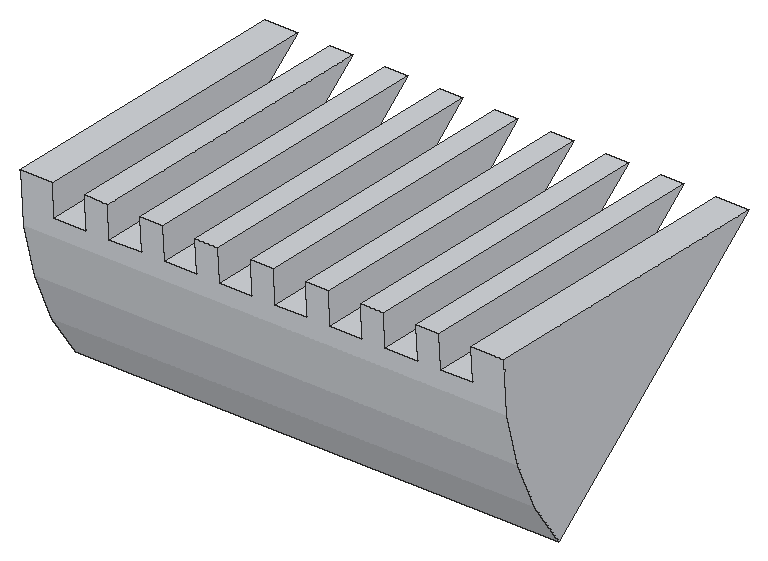
Revit family "step", category Generic Models, Revit 2024
Family settings
  Can host rebar = No
  Round Connector Dimension = Use Diameter
  Part Type = Normal
  Work Plane-Based = No
  Always vertical = Yes
  Cut with Voids When Loaded = No
  Maintain Annotation Orientation = No
  Shared = No
  Room Calculation Point = No
Parameters
  Web Width = 40 mm
  Step Width = 600 mm
  Step Height = 240 mm
  Step Depth = 380 mm
  Groove Width = 40 mm
  Groove Depth = 40 mm
  Default Elevation = 0 mm
Reference planes
  plane 1 "Center (Front/Back)": y = 0
  plane 2: z = 0
  plane 3 "Center (Left/Right)": x = 0
  plane 4: z = -560
  plane 5: y = -380
  plane 6: x = 600
Forms (mm)
  Extrusion 1, solid
    sketch origin (0, 0, 0) x (0, 1, 0) y (0, 0, 1)
      loop
        arc (-380, 0) -> (-358.019, -127.368) -> (-294.618, -240) r 380
        line (-294.618, -240) -> (0, 0) -> (-380, 0)
    from 0 to 600
  Extrusion 2, void
    sketch origin (0, 0, 0) x (1, 0, 0) y (0, 0, 1)
      loop
        line (560, 0) -> (520, 0) -> (520, -40) -> (560, -40) -> (560, 0)
    from 0 to 380
  Extrusion 3, void
    sketch origin (-480, 0, 0) x (1, 0, 0) y (0, 0, 1)
      loop
        line (560, 0) -> (520, 0) -> (520, -40) -> (560, -40) -> (560, 0)
    from 0 to 380
  Extrusion 4, void
    sketch origin (-68.571, 0, 0) x (1, 0, 0) y (0, 0, 1)
      loop
        line (560, 0) -> (520, 0) -> (520, -40) -> (560, -40) -> (560, 0)
    from 0 to 380
  Extrusion 5, void
    sketch origin (-137.143, 0, 0) x (1, 0, 0) y (0, 0, 1)
      loop
        line (560, 0) -> (520, 0) -> (520, -40) -> (560, -40) -> (560, 0)
    from 0 to 380
  Extrusion 6, void
    sketch origin (-205.714, 0, 0) x (1, 0, 0) y (0, 0, 1)
      loop
        line (560, 0) -> (520, 0) -> (520, -40) -> (560, -40) -> (560, 0)
    from 0 to 380
  Extrusion 7, void
    sketch origin (-274.286, 0, 0) x (1, 0, 0) y (0, 0, 1)
      loop
        line (560, 0) -> (520, 0) -> (520, -40) -> (560, -40) -> (560, 0)
    from 0 to 380
  Extrusion 8, void
    sketch origin (-342.857, 0, 0) x (1, 0, 0) y (0, 0, 1)
      loop
        line (560, 0) -> (520, 0) -> (520, -40) -> (560, -40) -> (560, 0)
    from 0 to 380
  Extrusion 9, void
    sketch origin (-411.429, 0, 0) x (1, 0, 0) y (0, 0, 1)
      loop
        line (560, 0) -> (520, 0) -> (520, -40) -> (560, -40) -> (560, 0)
    from 0 to 380
Cuts and joins
  Extrusion 2, Extrusion 3, Extrusion 4, Extrusion 5, Extrusion 6, Extrusion 7, Extrusion 8, Extrusion 9 cuts Extrusion 1
Dimensions and locks
  "Step Width": plane 6 to plane 3 "Center (Left/Right)"
  "Step Height": Extrusion 1 sketch curve to Extrusion 1 sketch curve
  plane 5 to plane 1 "Center (Front/Back)" = 380 mm
  "Web Width": Extrusion 2 sketch curve to Extrusion 1
  "Groove Width": Extrusion 2 sketch curve to Extrusion 2 sketch curve
  "Groove Depth": Extrusion 2 sketch curve to Extrusion 1
  "Groove Width": Extrusion 3 sketch curve to Extrusion 3 sketch curve
  equal spacing: group 2, group 8, group 7, group 6, group 5, group 4, group 3, group 1
  equal spacing: group 1, group 3, group 4, group 5, group 6, group 7, group 8, group 2  (x2)
  "Groove Width": Extrusion 4 sketch curve to Extrusion 4 sketch curve
  "Groove Width": Extrusion 5 sketch curve to Extrusion 5 sketch curve
  "Groove Width": Extrusion 6 sketch curve to Extrusion 6 sketch curve
  "Groove Width": Extrusion 7 sketch curve to Extrusion 7 sketch curve
  "Groove Width": Extrusion 8 sketch curve to Extrusion 8 sketch curve
  "Groove Width": Extrusion 9 sketch curve to Extrusion 9 sketch curve
  "Step Depth": radius of Extrusion 1 sketch curve
  aligned and locked: level to plane 2
  aligned and locked: Extrusion 1 to plane 6
  aligned and locked: Extrusion 2 to plane 5
Automatic sketch dimensions
  Extrusion 1 sketch curve to level = 0 mm
  Extrusion 1 sketch curve to plane 5 = 0 mm
  Extrusion 1 sketch curve to plane 1 "Center (Front/Back)" = 0 mm
  Extrusion 2 sketch curve to Extrusion 2 sketch curve = 40 mm
  Extrusion 3 sketch curve to Extrusion 3 sketch curve = 40 mm
  Extrusion 4 sketch curve to Extrusion 4 sketch curve = 40 mm
  Extrusion 5 sketch curve to Extrusion 5 sketch curve = 40 mm
  Extrusion 6 sketch curve to Extrusion 6 sketch curve = 40 mm
  Extrusion 7 sketch curve to Extrusion 7 sketch curve = 40 mm
  Extrusion 8 sketch curve to Extrusion 8 sketch curve = 40 mm
  Extrusion 9 sketch curve to Extrusion 9 sketch curve = 40 mm
